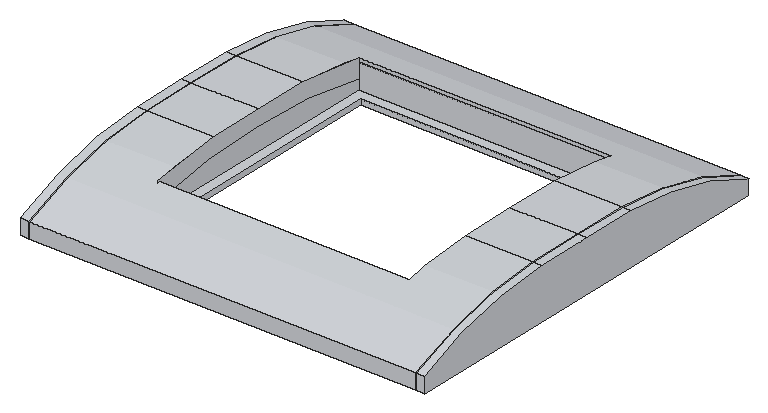
Revit family "Gira_0211728", category Electrical Fixtures, host Face, Revit 2017
Family settings
  Host = Face
  Maintain Annotation Orientation = No
  Round Connector Dimension = Use Diameter
  Part Type = Normal
  Cut with Voids When Loaded = No
  Shared = No
  Room Calculation Point = No
Parameters (values of type "Abdeckrahmen 1f Zwischenr. AN Gira Event Klar Weiß")
  Werkstoffgüte = "Thermoplast"
  Werkstoff = "Kunststoff"
  URL = "http://katalog.gira.de/de_DE/datenblatt.html?artikelnr=0211728"
  Transparent = "No"
  Textfeld/Beschriftungsfläche = "No"
  Schutzart (IP) = "IP20"
  Region = "DE"
  Oberfläche = "sonstige"
  Name = "Abdeckrahmen 1f Zwischenr. AN Gira Event Klar Weiß"
  Montagerichtung = "horizontal und vertikal"
  Mit Montagerahmen = "No"
  Mit Klappdeckel = "No"
  Manufacturer URL = "https://www.gira.de/"
  Keynote = "Event_Rahmen_1fach"
  HeinzeBIM = "https://bimportal.heinze.de/bim/abdeckrahmen-1f-zwischenr-an-gira-event-klar-weiss/934b1aa0baa6fbabda97f123d35635535bc68bd8"
  Halogenfrei = "Yes"
  HAN = "0211728"
  Geeignet für Unterputz-Installation = "Yes"
  Geeignet für Unterflurkanaldose = "No"
  Geeignet für Geräteeinbaukanal = "No"
  Geeignet für Einbauinstallation = "No"
  GTIN = "4010337068754"
  Farbe = "weiß"
  Default Elevation = 1219.2 mm
  Data sheet (1) = "https://katalog.gira.de/de_DE/download.html?artikelnr=0211728"
  Category = "Abdeckrahmen"
  Befestigungsart = "Klemmbefestigung"
  Available = "Yes"
  Anzahl der Einheiten vertikal = "1 "
  Anzahl der Einheiten horizontal = "1 "
  Anzahl der Einheiten = "1 "
Reference planes
  plane 1 "Center (Front/Back)": y = 0
  plane 2: z = 0
  plane 3 "Center (Left/Right)": x = 0
Forms (mm)
  Extrusion 1, solid, detail levels fine
    sketch origin (0, 0, 1.55) x (0, 1, 0) y (0, 0, 1)
      loop
        arc (12.445, 9.683) -> (6.223, 9.833) -> (0, 9.85) r 291.636
        arc (0, 9.85) -> (-6.223, 9.833) -> (-12.445, 9.683) r 291.636
        arc (-12.445, 9.683) -> (-29.14, 7.482) -> (-45, 1.823) r 79.728
        line (-45, 1.823) -> (-45, -1.55) -> (-41.777, -1.55) -> (-41.777, -0.55)
        arc (-41.777, -0.55) -> (-21.205, 4.846) -> (0, 6.467) r 118.15
        arc (0, 6.467) -> (21.205, 4.846) -> (41.777, -0.55) r 118.15
        line (41.777, -0.55) -> (41.777, -1.55) -> (45, -1.55) -> (45, 1.823)
        arc (45, 1.823) -> (29.14, 7.482) -> (12.445, 9.683) r 79.728
    from -43 to 43
  Extrusion 2, void, detail levels fine
    sketch origin (0, 0, 0) x (1, 0, 0) y (0, 1, 0)
      loop
        line (-28, -28) -> (28, -28) -> (28, 28) -> (-28, 28) -> (-28, -28)
    from 2.85 to 12
  Extrusion 3, solid, detail levels coarse
    sketch origin (0, 0, 0) x (1, 0, 0) y (0, 1, 0)
      loop
        line (-45, 45) -> (-45, -45) -> (45, -45) -> (45, 45) -> (-45, 45)
    from 0 to 11.4
  Extrusion 4, solid, detail levels medium
    sketch origin (0, 0, 1.55) x (0, 1, 0) y (0, 0, 1)
      loop
        arc (12.445, 9.683) -> (6.223, 9.833) -> (0, 9.85) r 291.636
        arc (0, 9.85) -> (-6.223, 9.833) -> (-12.445, 9.683) r 291.636
        arc (-12.445, 9.683) -> (-29.14, 7.482) -> (-45, 1.823) r 79.728
        line (-45, 1.823) -> (-45, -1.55) -> (45, -1.55) -> (45, 1.823)
        arc (45, 1.823) -> (29.14, 7.482) -> (12.445, 9.683) r 79.728
    from -45 to 45
  Extrusion 5, solid, detail levels fine
    sketch origin (0, 0, 0) x (0, 1, 0) y (0, 0, 1)
      loop
        arc (45, 3.373) -> (29.14, 9.032) -> (12.445, 11.233) r 79.728
        arc (12.445, 11.233) -> (6.223, 11.383) -> (0, 11.4) r 291.636
        arc (0, 11.4) -> (-6.223, 11.383) -> (-12.445, 11.233) r 291.636
        arc (-12.445, 11.233) -> (-29.14, 9.032) -> (-45, 3.373) r 79.728
        line (-45, 3.373) -> (-45, 0) -> (45, 0) -> (45, 3.373)
    from 43 to 45
  Extrusion 6, solid, detail levels fine
    sketch origin (0, 0, 0) x (0, 1, 0) y (0, 0, -1)
      loop
        line (45, -3.373) -> (45, 0) -> (-45, 0) -> (-45, -3.373)
        arc (-45, -3.373) -> (-29.14, -9.032) -> (-12.445, -11.233) r 79.728
        arc (-12.445, -11.233) -> (-6.223, -11.383) -> (0, -11.4) r 291.636
        arc (0, -11.4) -> (6.223, -11.383) -> (12.445, -11.233) r 291.636
        arc (12.445, -11.233) -> (29.14, -9.032) -> (45, -3.373) r 79.728
    from 43 to 45
  Extrusion 7, solid, detail levels fine
    sketch origin (0, 0, 0) x (1, 0, 0) y (0, 1, 0)
      loop
        line (-25.7, 25.7) -> (-25.7, -25.7) -> (25.7, -25.7) -> (25.7, 25.7) -> (-25.7, 25.7)
      loop
        line (-29.495, 27.895) -> (-29.495, -27.895)
        spline (-29.495, -27.895) -> (-29.486, -28.025) -> (-29.461, -28.154) -> (-29.419, -28.278) -> (-29.361, -28.395) -> (-29.288, -28.504) -> (-29.202, -28.602) -> (-29.104, -28.688) -> (-28.995, -28.761) -> (-28.878, -28.819) -> (-28.754, -28.861) -> (-28.625, -28.886) -> (-28.495, -28.895)
        line (-28.495, -28.895) -> (28.495, -28.895)
        spline (28.495, -28.895) -> (28.625, -28.886) -> (28.754, -28.861) -> (28.878, -28.819) -> (28.995, -28.761) -> (29.104, -28.688) -> (29.202, -28.602) -> (29.288, -28.504) -> (29.361, -28.395) -> (29.419, -28.278) -> (29.461, -28.154) -> (29.486, -28.025) -> (29.495, -27.895)
        line (29.495, -27.895) -> (29.495, 27.895)
        spline (29.495, 27.895) -> (29.486, 28.025) -> (29.461, 28.154) -> (29.419, 28.278) -> (29.361, 28.395) -> (29.288, 28.504) -> (29.202, 28.602) -> (29.104, 28.688) -> (28.995, 28.761) -> (28.878, 28.819) -> (28.754, 28.861) -> (28.625, 28.886) -> (28.495, 28.895)
        line (28.495, 28.895) -> (-28.495, 28.895)
        spline (-28.495, 28.895) -> (-28.625, 28.886) -> (-28.754, 28.861) -> (-28.878, 28.819) -> (-28.995, 28.761) -> (-29.104, 28.688) -> (-29.202, 28.602) -> (-29.288, 28.504) -> (-29.361, 28.395) -> (-29.419, 28.278) -> (-29.461, 28.154) -> (-29.486, 28.025) -> (-29.495, 27.895)
    from 1.673 to 8.5
Cuts and joins
  Extrusion 2 cuts Extrusion 1
  Extrusion 2 cuts Extrusion 7
Dimensions and locks
  aligned and locked: plane 2 to host face
  aligned and locked: level to host face
